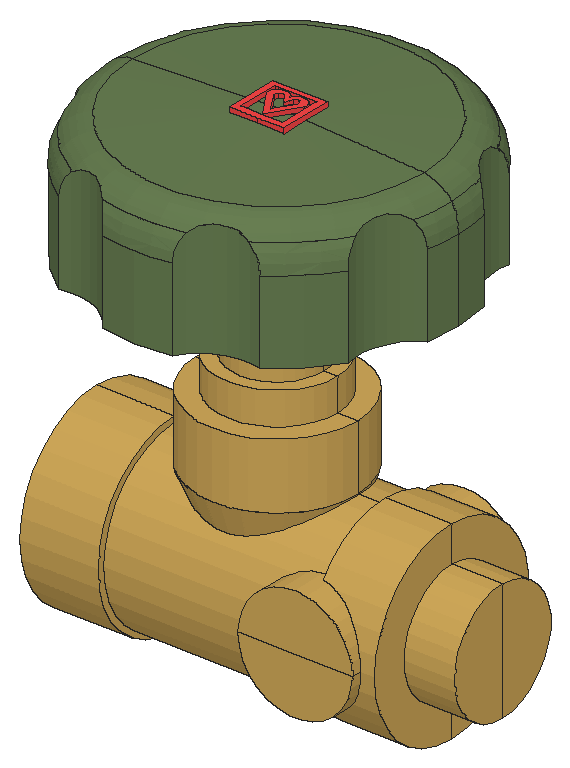
Revit family "Herz Strömax 4215 W IG-AG", category Rohrzubehör, Revit 2020
Family settings
  Bemaßung runder Anschluss = Durchmesser verwenden
  Teiletyp = Unterbricht
  OmniClass-Nummer = 23.65.55.14
  OmniClass-Titel = Valves for Liquid Services
  Arbeitsebenenbasiert = Nein
  Immer vertikal = Ja
  Beim Laden mit Abzugskörper schneiden = Nein
  Gemeinsam genutzt = Nein
Parameters
  Vorgabe-Ansicht = 0 mm
  URL = "www.herzvalves.com"
  T01 = 17.5 mm  # constant formula
  SC_NennweiteBerechnet = 0
  SC_Dimension = ""
  SCTWSEQ = "FW;SBT_TYP_FW=\"106\";2"
  SCTWCODE = "04;01;02"  # constant formula
  S03 = 60 mm  # constant formula
  S02 [instance] = H01 + H02 + H03  # 46 mm
  S01 [instance] = R01 * 2  # 32 mm
  R09 [instance] = Nennweite Aus / 2  # 10 mm
  R08 [instance] = size_lookup("4215W_", "R8", 9.5 mm, Nennweite)  # 9.5 mm
  R07 = 3 mm  # constant formula
  R06 [instance] = size_lookup("4215W_", "R6", 7.8 mm, Nennweite)  # 7.8 mm
  R05 [instance] = size_lookup("4215W_", "R5", 10.1 mm, Nennweite)  # 10.1 mm
  R04 [instance] = size_lookup("4215W_", "R4", 13.5 mm, Nennweite)  # 13.5 mm
  R03 = 15 mm  # constant formula
  R02 [instance] = Nennweite / 2  # 7.5 mm
  R01 = 16 mm  # constant formula
  Part number = 2412561  # constant formula
  Note = "Pursuant to Article 33 of the REACH Regulation (EC No. 1907/2006), we are obliged to point out that the material lead is listed on the SVHC list and that all brass components manufactured in our products exceed 0.1% (w / w) lead (CAS: 7439-92-1 / EINECS: 231-100-4).\r\nSince lead is a component part of an alloy, actual exposure is not possible and therefore no additional information on safe use is necessary."
  Nennweite Aus [instance] = 20 mm  # constant formula
  Nennweite [instance] = 15 mm  # constant formula
  Min. flow at Dp 10 kPa [instance] = if(Nennweite = 15 mm, 0.2, if(Nennweite = 20 mm, 0.4, if(Nennweite = 25 mm, 0.7, if(Nennweite = 32 mm, 1.2, if(Nennweite = 40 mm, 1.6, if(Nennweite = 50 mm, 2.7, 0))))))  # 0.2
  Medium = "Water"  # constant formula
  Max. operating temperature = 90 °C  # constant formula
  Max. operating pressure = 1000000.0 Pa  # constant formula
  Max. differential pressure on closed seat = 1000000.0 Pa  # constant formula
  L06 = 18 mm  # constant formula
  L05 = 8.5 mm  # constant formula
  L04 = 37.5 mm  # constant formula
  L03 = 17 mm  # constant formula
  L02 = 12 mm  # constant formula
  L01 = 13 mm  # constant formula
  L00 = 30 mm  # constant formula
  Hersteller = "HERZ Armaturen Ges.m.b.H"  # constant formula
  Hand wheel = "plastic, green"  # constant formula
  H04 = 21 mm  # constant formula
  H03 = 14.6 mm  # constant formula
  H02 = 5.4 mm  # constant formula
  H01 = 26 mm  # constant formula
  H00 [instance] = H01 + H02 + H03  # 46 mm
  O-Rings = "EPDM"  # constant formula
  Body = "DZR brass acc. to EN1982"  # constant formula
  Application = "For shutting off drinking water pipes and systems in buildings."
Reference planes
  plane 1 "Mitte (Vorne/hinten)": y = 0
  plane 2: z = 0
  plane 3 "Mitte (Links/rechts)": x = 0
Forms (mm)
  Revolve 1, solid, material "Messing, weicher Gelbton, geschweißt", detail levels fine
    sketch origin (470, 0, 0) x (1, 0, 0) y (0, 0, 1)
      loop
        line (-500, 7.5) -> (-488, 7.5) -> (-488, 0) -> (-432.5, 0) -> (-432.5, 10) -> (-441, 10) -> (-441, 16) -> (-452, 16) -> (-452, 15) -> (-487, 15) -> (-487, 16) -> (-500, 16) -> (-500, 7.5)
      axis (-500, 0) -> (-432.5, 0)
    angle from 0 to 360
  Revolve 2, solid, material "Messing, weicher Gelbton, geschweißt", detail levels fine
    sketch origin (0, 0, 0) x (1, 0, 0) y (0, 0, 1)
      loop
        line (0, 0) -> (0, 46) -> (-7.8, 46) -> (-7.8, 31.4) -> (-10.1, 31.4) -> (-10.1, 26) -> (-13.5, 26) -> (-13.5, 15) -> (-7.5, 0) -> (0, 0)
      axis (0, 46) -> (0, 0)
    angle from 0 to 360
  Revolve 3, solid, material "Messing, weicher Gelbton, geschweißt", detail levels fine
    sketch origin (0, 0, 0) x (1, 0, 0) y (0, 1, 0)
      loop
        line (17, -17.5) -> (26.5, -17.5) -> (26.5, -7.5) -> (20, -7.5) -> (20, 7.5) -> (26.5, 7.5) -> (26.5, 17.5) -> (17, 17.5) -> (17, -17.5)
      axis (17, 17.5) -> (17, -17.5)
    angle from 0 to 360
Lines and regions (mm)
  model lines, detail levels coarse+medium
    curve 1: line (-30, 0, 16) -> (-30, 0, -16)
    curve 2: line (-30, 0, -16) -> (37.5, 0, 16)
    curve 3: line (37.5, 0, 16) -> (37.5, 0, -16)
    curve 4: line (37.5, 0, -16) -> (-30, 0, 16)
    curve 5: line (3.75, 0, 0) -> (3.75, 0, 46)
    curve 6: line (-26.25, 0, 46) -> (33.75, 0, 46)
    curve 7: line (-30, -16, 0) -> (-30, 16, 0)
    curve 8: line (-30, 16, 0) -> (37.5, -16, 0)
    curve 9: line (37.5, -16, 0) -> (37.5, 16, 0)
    curve 10: line (37.5, 16, 0) -> (-30, -16, 0)
    curve 11: line (3.75, 0, 0) -> (3.75, 46, 0)
    curve 12: line (-26.25, 46, 0) -> (33.75, 46, 0)
Dimensions and locks
  "R01": Revolve 1 sketch curve to Revolve 1 sketch curve  (x2)
  "R02": Revolve 1 sketch curve to Revolve 1 sketch curve
  "L01": Revolve 1 sketch curve to Revolve 1 sketch curve
  "L02": Revolve 1 sketch curve to Revolve 1 sketch curve
  "R03": Revolve 1 sketch curve to Revolve 1 sketch curve
  "R03": Revolve 2 sketch curve to Revolve 2 sketch curve
  "R02": Revolve 2 sketch curve to Revolve 2 sketch curve
  "R04": Revolve 2 sketch curve to Revolve 2 sketch curve
  "R05": Revolve 2 sketch curve to Revolve 2 sketch curve
  "R06": Revolve 2 sketch curve to Revolve 2 sketch curve
  "H01": Revolve 2 sketch curve to plane 2
  "T01": Revolve 3 sketch curve to plane 1 "Mitte (Vorne/hinten)" to Revolve 3 sketch curve
  "R02": Revolve 3 sketch curve to plane 1 "Mitte (Vorne/hinten)"
  "R02": plane 1 "Mitte (Vorne/hinten)" to Revolve 3 sketch curve
  "R07": Revolve 3 sketch curve to Revolve 3 sketch curve
  "R08": Revolve 3 sketch curve to Revolve 3 sketch curve
  "H02": Revolve 2 sketch curve to Revolve 2 sketch curve
  "H03": Revolve 2 sketch curve to Revolve 2 sketch curve
  "L00": plane 3 "Mitte (Links/rechts)" to Revolve 1 sketch curve
  "L04": Revolve 1 sketch curve to plane 3 "Mitte (Links/rechts)"
  "R09": Revolve 1 sketch curve to Revolve 1 sketch curve
  "L03": plane 3 "Mitte (Links/rechts)" to Revolve 3 sketch curve
  "L05": Revolve 1 sketch curve to Revolve 1 sketch curve
  "L06": Revolve 1 sketch curve to plane 3 "Mitte (Links/rechts)"
  "H00": nested 1 to plane 2
  "H04": nested 2 to Revolve 2
  equal spacing: curve 3, plane 2, curve 4
  "S01": curve 3 to curve 4
  equal spacing: curve 4, plane 2, curve 2
  "S01": curve 2 to curve 4
  "L00": curve 1 to plane 3 "Mitte (Links/rechts)"
  "L04": plane 3 "Mitte (Links/rechts)" to curve 3
  equal spacing: Revolve 1, curve 5, curve 3
  "S02": curve 5 to plane 2
  equal spacing: curve 6, curve 5, curve 6
  "S03": curve 6 to curve 6
  equal spacing: curve 10, plane 1 "Mitte (Vorne/hinten)", curve 8
  equal spacing: curve 9, plane 1 "Mitte (Vorne/hinten)", curve 10
  "S01": curve 8 to curve 7
  "S01": curve 10 to curve 9
  "L04": plane 3 "Mitte (Links/rechts)" to curve 9
  "L00": curve 7 to plane 3 "Mitte (Links/rechts)"
  equal spacing: curve 12, curve 11, curve 12
  equal spacing: curve 7, curve 11, curve 9
  "S03": curve 12 to curve 12
  "S02": plane 1 "Mitte (Vorne/hinten)" to curve 11
  aligned and locked: level to plane 2
Automatic sketch dimensions
  Revolve 1 sketch curve to level = 0 mm  (x2)
  Revolve 1 sketch curve to Revolve 1 sketch curve = 791.99 mm
  Revolve 1 sketch curve to Revolve 1 sketch curve = 2278.983 mm
  Revolve 2 sketch curve to level = 0 mm
  Revolve 2 sketch curve to plane 3 "Mitte (Links/rechts)" = 0 mm  (x2)
  Revolve 2 sketch curve to level = 366.045 mm
  Revolve 2 sketch curve to Revolve 2 sketch curve = 2165.278 mm
  Revolve 3 sketch curve to Revolve 3 sketch curve = 9.5 mm
  Revolve 3 sketch curve to Revolve 3 sketch curve = 0 mm
  Revolve 3 sketch curve to Revolve 3 sketch curve = 4.553 mm
  Revolve 3 sketch curve to Revolve 3 sketch curve = 3.768 mm
Nested families
  nested 1: "Strömax-Handrad (Grün)" at (0.258, 0, 46), type "Strömax-Handrad (Grün)", detail levels fine
    with Nennweite 0 mm, Gewicht 0.00 kg, Bestellnummer 0
  nested 2: "Herz-Logo" at (0.258, 0, 67), type "Herz-Logo", detail levels fine
Connectors
  piping at (-18, 0, 0), diameter 15, driven by "Nennweite"
    settings: on Revolve 1, index 1, connector inside diameter 609.6 mm, connector length 0 mm, flow factor 0, pipe flow 0.0 L/s, pressure drop 0.0 Pa, fitting loss kfactor 0, connector angle 0.00°, fixture units 0, engagement length 0 mm, angle of deflection 0.00°, flow configuration 0, flow direction 1, fitting loss method 0, system type 29, joint type 0, gender type 0, connector reference index -1, connector utility 0, adjustable connector no, is connector primary yes, connector description ""
  piping at (37.5, 0, 0), diameter 20, driven by "Nennweite Aus"
    settings: on Revolve 1, index 2, connector inside diameter 609.6 mm, connector length 0 mm, flow factor 0, pipe flow 0.0 L/s, pressure drop 0.0 Pa, fitting loss kfactor 0, connector angle 0.00°, fixture units 0, engagement length 0 mm, angle of deflection 0.00°, flow configuration 0, flow direction 2, fitting loss method 0, system type 29, joint type 0, gender type 0, connector reference index -1, connector utility 0, adjustable connector no, is connector primary no, connector description ""
Definition of nested family "Strömax-Handrad (Grün)"
  Parameters (values of type "Strömax-Handrad (Grün)")
    Default Elevation = 0 mm
    URL = "www.herz-armaturen.at"
    Nennweite [instance] = 0 mm
    Manufacturer = "Herz Armaturen GmbH"  # constant formula
    Gewicht [instance] = 0.00 kg
    Bestellnummer [instance] = 0
  Reference planes
    plane 1 "Mitte (Vorne/hinten)": y = 0
    plane 2: z = 0
    plane 3 "Mitte (Links/rechts)": x = 0
  Forms (mm)
    Revolve 1, solid
      sketch origin (0, 0, 0) x (1, 0, 0) y (0, 0, 1)
        loop
          line (0, 0) -> (0, 22)
          arc (0, 22) -> (-12.15, 21.705) -> (-24.271, 20.819) r 250
          arc (-24.271, 20.819) -> (-26.831, 19.959) -> (-28.754, 18.063) r 6
          arc (-28.754, 18.063) -> (-29.682, 16.008) -> (-30, 13.776) r 8
          line (-30, 13.776) -> (-30, 0) -> (0, 0)
        axis (0, 22) -> (0, 0)
      angle from 0 to 360
    Extrusion 2, void
      sketch origin (0, 0, 0) x (1, 0, 0) y (0, 1, 0)
        loop
          circle (14.351, -34.645) r 10
      from 0 to 22
    Extrusion 3, void
      sketch origin (0, 0, 0) x (-1, 0, 0) y (0, -1, 0)
        loop
          circle (14.351, 34.645) r 10
      from 0 to 22
    Extrusion 4, void
      sketch origin (0, 0, 0) x (0, -1, 0) y (1, 0, 0)
        loop
          circle (14.351, 34.645) r 10
      from 0 to 22
    Extrusion 5, void
      sketch origin (0, 0, 0) x (0, 1, 0) y (-1, 0, 0)
        loop
          circle (14.351, -34.645) r 10
      from 0 to 22
    Extrusion 6, void
      sketch origin (0, 0, 0) x (0, -1, 0) y (1, 0, 0)
        loop
          circle (14.351, -34.645) r 10
      from 0 to 22
    Extrusion 7, void
      sketch origin (0, 0, 0) x (0, 1, 0) y (-1, 0, 0)
        loop
          circle (14.351, 34.645) r 10
      from 0 to 22
    Extrusion 8, void
      sketch origin (0, 0, 0) x (1, 0, 0) y (0, 1, 0)
        loop
          circle (14.351, 34.645) r 10
      from 0 to 22
    Extrusion 9, void
      sketch origin (0, 0, 0) x (-1, 0, 0) y (0, -1, 0)
        loop
          circle (14.351, -34.645) r 10
      from 0 to 22
  Cuts and joins
    Extrusion 2, Extrusion 3, Extrusion 4, Extrusion 5, Extrusion 6, Extrusion 7, Extrusion 8, Extrusion 9 cuts Revolve 1
  Dimensions and locks
    aligned and locked: level to plane 2
Definition of nested family "Herz-Logo"
  Parameters (values of type "Herz-Logo")
    Default Elevation = 0 mm
  Reference planes
    plane 1 "Mitte (Vorne/hinten)": y = 0
    plane 2: z = 0
    plane 3 "Mitte (Links/rechts)": x = 0
  Forms (mm)
    Extrusion 1, solid
      sketch origin (0, 0, 0) x (1, 0, 0) y (0, 1, 0)
        loop
          line (-0.018, -4.517) -> (4.482, -4.517) -> (4.482, 4.483) -> (-4.518, 4.483) -> (-4.518, -4.517) -> (-0.018, -4.517)
        loop
          line (-0.05, -3.48) -> (3.482, -3.48) -> (3.482, 3.483) -> (-3.518, 3.483) -> (-3.518, -3.48) -> (-0.05, -3.48)
        loop
          arc (-0.018, 2.383) -> (-1.543, 3.287) -> (-3.067, 2.383) r 1.738
          arc (-3.067, 2.383) -> (-3.191, 1.899) -> (-3.067, 1.415) r 1.009
          line (-3.067, 1.415) -> (-0.018, -3.281) -> (3.032, 1.415)
          arc (3.032, 1.415) -> (3.156, 1.899) -> (3.032, 2.383) r 1.009
          arc (3.032, 2.383) -> (1.507, 3.287) -> (-0.018, 2.383) r 1.738
        loop
          arc (1.885, 1.272) -> (2.005, 1.675) -> (1.885, 2.079) r 0.74
          arc (1.885, 2.079) -> (1.265, 2.416) -> (0.644, 2.079) r 0.74
          line (0.644, 2.079) -> (-0.018, 0.97) -> (-0.679, 2.079)
          arc (-0.679, 2.079) -> (-1.3, 2.416) -> (-1.921, 2.079) r 0.74
          arc (-1.921, 2.079) -> (-2.04, 1.675) -> (-1.921, 1.272) r 0.74
          line (-1.921, 1.272) -> (-0.018, -1.658) -> (1.885, 1.272)
      from 0 to 1.5
  Dimensions and locks
    aligned and locked: level to plane 2
